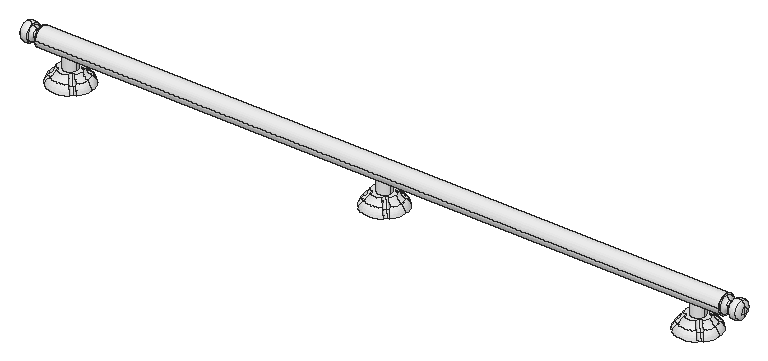
Revit family "Grab-Bar_Traditional_Guinevere_YG97042_TOTO", category Furniture, host Face, Revit 2013 (continued)
Automatic sketch dimensions
  curve 8 to curve 7 = 0' - 0"  (x2)
  curve 13 to curve 12 = 0' - 0"  (x2)
  plane 5 to curve 12 = 0' - 0.26831"
  plane 5 to curve 7 = 0' - 0.26831"
  curve 10 to plane 4 = 0' - 0.07972"
  curve 15 to plane 4 = 0' - 0.07972"
  curve 9 to plane 4 = 0' - 0.07972"
  curve 14 to plane 4 = 0' - 0.07972"
  curve 9 to curve 8 = 0' - 0.2288"
  curve 8 to curve 7 = 0' - 0.12307"
  curve 40 to plane 9 = 0' - 0.43622"
  curve 1 to plane 9 = 0' - 0.43622"
  plane 9 to curve 40 = 0' - 0.43622"
  curve 5 to plane 3 "Center (Left/Right)" = 0' - 0.43622"
  curve 2 to plane 3 "Center (Left/Right)" = 0' - 0.43622"
  plane 3 "Center (Left/Right)" to curve 5 = 0' - 0.43622"
  plane 10 to curve 4 = 0' - 0.43622"
  plane 10 to curve 3 = 0' - 0.43622"
  curve 4 to plane 10 = 0' - 0.43622"
  curve 12 to plane 12 = 0' - 0.25148"
  curve 12 to curve 13 = 0' - 0.12307"
  radius of Extrusion 1 sketch curve = 0' - 0.43622"
  radius of Extrusion 3 sketch curve = 0' - 0.43622"
  radius of Extrusion 5 sketch curve = 0' - 0.43622"
  radius of Extrusion 7 sketch curve = 0' - 1.40492"
  radius of Extrusion 13 sketch curve = 0' - 1.40492"
  radius of Extrusion 19 sketch curve = 0' - 1.40492"
  radius of Extrusion 2 sketch curve = 0' - 0.62362"
  radius of Sweep 9 sketch curve = 0' - 0.19685"
  radius of Sweep 10 sketch curve = 0' - 0.19685"
  radius of Sweep 11 sketch curve = 0' - 0.19685"
  radius of Sweep 12 sketch curve = 0' - 0.19685"
  radius of Sweep 15 sketch curve = 0' - 0.19685"
  radius of Sweep 16 sketch curve = 0' - 0.19685"
  radius of Sweep 17 sketch curve = 0' - 0.19685"
  radius of Sweep 18 sketch curve = 0' - 0.19685"
  radius of Sweep 21 sketch curve = 0' - 0.19685"
  radius of Sweep 22 sketch curve = 0' - 0.19685"
  radius of Sweep 23 sketch curve = 0' - 0.19685"
  radius of Sweep 24 sketch curve = 0' - 0.19685"
